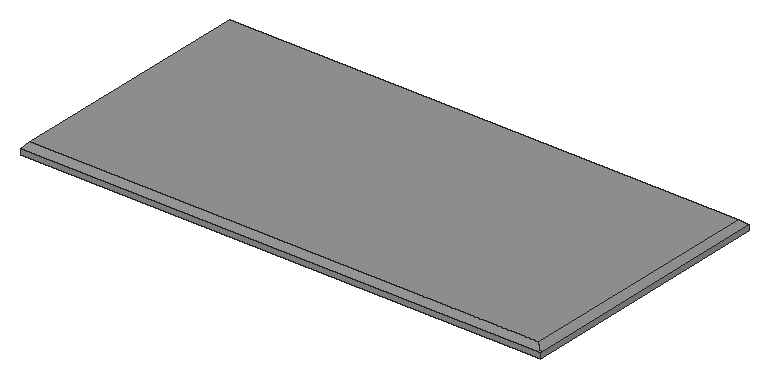
Revit family "Fabrisorb Panels - Half-Bevel", category Generic Models, Revit 2016
Family settings
  Part Type = Normal
  Can host rebar = No
  Round Connector Dimension = Use Diameter
  Work Plane-Based = Yes
  Always vertical = No
  Cut with Voids When Loaded = No
  Shared = No
  Room Calculation Point = No
Parameters (values of type "2 INCH THICK - 48X96")
  URL = "https://www.acousticalsurfaces.com/fabric_panel/fabric-wrapped-wall-panels.html"
  Thickness = 0' - 2"
  Material = "Fabrisorb"
  Manufacturer = "Acoustical Surfaces, Inc."
  Finish = Guilford of Maine Anchorage or FR701 Acoustic Fabric
  Default Elevation = 4' - 0"
  Width = 4' - 0"
  Length = 8' - 0"
  A = Thickness / 2  # 0' - 1"
Types (6): name | Thickness | Width | Length | A
  2 INCH THICK - 48X96 | 0' - 2" | 4' - 0" | 8' - 0" | 0' - 1"
  2 INCH THICK - 24X48 | 0' - 2" | 2' - 0" | 4' - 0" | 0' - 1"
  2 INCH THICK - 24X24 | 0' - 2" | 2' - 0" | 2' - 0" | 0' - 1"
  1 INCH THICK - 48X96 | 0' - 1" | 4' - 0" | 8' - 0" | 0' - 0 1/2"
  1 INCH THICK - 24X48 | 0' - 1" | 2' - 0" | 4' - 0" | 0' - 0 1/2"
  1 INCH THICK - 24X24 | 0' - 1" | 2' - 0" | 2' - 0" | 0' - 0 1/2"
Reference planes (in)
  plane 1 "Center (Front/Back)": y = 0
  plane 2: z = 0
  plane 3 "Center (Left/Right)": x = 0
  plane 4: x = -48
  plane 5: x = 48
  plane 6: y = 24
  plane 7: y = -24
  plane 8: z = 2
Forms (in)
  Extrusion 1, solid, material "Guilford of Maine Anchorage or FR701 Acoustic Fabric" <- "Finish"
    sketch origin (0, 0, 0) x (1, 0, 0) y (0, 1, 0)
      loop
        line (48, 24) -> (-48, 24) -> (-48, -24) -> (48, -24) -> (48, 24)
    from 0 to 2
  Sweep 2, void
    path in 3D
      loop
        line (48, 24, 2) -> (-48, 24, 2) -> (-48, -24, 2) -> (48, -24, 2) -> (48, 24, 2)
    profile "Triangle : Family2" origin (48, 0, 2) x (-1, 0, 0) y (0, 0, 1)
      loop
        line (1, 0) -> (0, 0) -> (0, -1) -> (1, 0)
Cuts and joins
  Sweep 2 cuts Extrusion 1
Lines and regions (in)
  sketch lines
    curve 1: line (48, -24, 2) -> (48, 24, 2)
    curve 2: line (-48, -24, 2) -> (48, -24, 2)
    curve 3: line (-48, 24, 2) -> (-48, -24, 2)
    curve 4: line (48, 24, 2) -> (-48, 24, 2)
Dimensions and locks (in)
  equal spacing: plane 4, plane 3 "Center (Left/Right)", plane 5
  equal spacing: plane 7, plane 1 "Center (Front/Back)", plane 6
  "Width": plane 7 to plane 6
  "Length": plane 4 to plane 5
  "Thickness": plane 8 to level
  aligned and locked: level to plane 2
  aligned and locked: Extrusion 1 sketch curve to plane 4
  aligned and locked: plane 5 to Extrusion 1 sketch curve
  aligned and locked: Extrusion 1 sketch curve to plane 6
  aligned and locked: Extrusion 1 sketch curve to plane 7
  aligned and locked: Extrusion 1 to plane 8
